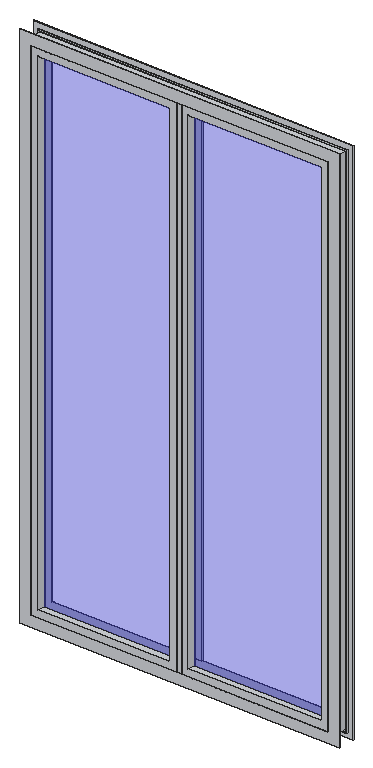
Revit family "1150_Fixed Single Vertical Rail", category Windows, host Wall, Revit 2023
Family settings
  Host = Wall
  OmniClass Number = 23.30.20.00
  OmniClass Title = Windows
  Always vertical = Yes
  Cut with Voids When Loaded = No
  Shared = No
  Room Calculation Point = No
Parameters
  Left Bay Width (Rail Location) = 1' - 3"
  Height = 5' - 0"
  Glass Material = Glass
  Frame Material = none
  Depth From Exterior = 0' - 1"
  Default Sill Height = 2' - 6"
  Wall Closure = By host
  Width = 3' - 0"
Reference planes (in)
  plane 1 "Center (Front/Back)": y = 0
  plane 2: z = 0
  plane 3 "Center (Left/Right)": x = 0
  plane 4 "Left": x = -18
  plane 5 "Right": x = 18
  plane 6 "Sill": z = 30
  plane 7 "Top": z = 90
  plane 8: y = 3
  plane 9: y = 2
  plane 10: y = 0
  plane 11: x = -1.155
  plane 12: x = -0.374
  plane 13: x = 0.188
  plane 14: x = 0.969
  plane 15: x = 15.969
  plane 16: x = -15.969
  plane 17: y = 0.7775
Forms (in)
  Sweep 1, solid
    path origin (0, 0, 0) x (1, 0, 0) y (0, 0, 1)
      loop
        line (18, 30) -> (18, 90) -> (-18, 90) -> (-18, 30) -> (18, 30)
    profile origin (0, 0, 30) x (0, 0, -1) y (0, -1, 0)
      loop
        line (-2.031, -2) -> (0, -2) -> (0, -1.9) -> (-0.57, -1.9) -> (-0.57, -1.75) -> (-0.62, -1.75) -> (-0.62, -1.875) -> (-0.813, -1.875) -> (-0.813, -0.677) -> (-0.62, -0.677) -> (-0.62, -0.802) -> (-0.57, -0.802) -> (-0.57, -0.627) -> (-0.82, -0.627) -> (-0.82, -0.127) -> (0, -0.127) -> (0, 0) -> (-1.25, 0) -> (-1.25, -1.875) -> (-2.031, -1.875) -> (-2.031, -2)
  Sweep 2, solid, material "Glass" <- "Glass Material"
    path origin (0, 0, 0) x (0, 1, 0) y (0, 0, 1)
      loop
        line (1.875, 31.25) -> (1.875, 88.75)
    profile origin (0, 1.875, 60) x (0, -1, 0) y (1, 0, 0)
      loop
        line (0, -16.75) -> (0.25, -16.75) -> (0.25, 16.75) -> (0, 16.75) -> (0, -16.75)
      loop
        line (0.75, -16.75) -> (1, -16.75) -> (1, 16.75) -> (0.75, 16.75) -> (0.75, -16.75)
  Sweep 3, solid
    path origin (0, 0, 0) x (1, 0, 0) y (0, 0, 1)
      loop
        line (-1.40764, 87.969) -> (-1.40764, 32.031)
    profile origin (-1.40764, 0, 60) x (0, -1, 0) y (1, 0, 0)
      loop
        line (-2, 2.37664) -> (-2, 0.25264) -> (-1.875, 0.25264) -> (-1.875, 2.37664) -> (-2, 2.37664)
  Sweep 4, solid
    path origin (0, 0, 0) x (1, 0, 0) y (0, 0, 1)
      loop
        line (1.54293, 31.25) -> (1.54293, 88.75)
    profile origin (1.54293, 0, 60) x (-1, 0, 0) y (0, -1, 0)
      loop
        line (1.35493, -1.875) -> (1.91693, -1.875) -> (1.91693, 0) -> (1.35493, 0) -> (1.35493, -1.875)
  Sweep 5, solid
    path origin (0, 0, 0) x (1, 0, 0) y (0, 0, 1)
      loop
        line (-16.75, 31.25) -> (-0.374, 31.25) -> (-0.374, 88.75) -> (-16.75, 88.75) -> (-16.75, 31.25)
    profile origin (-8.562, 0, 31.25) x (0, 0, 1) y (0, -1, 0)
      loop
        line (0.7811, 0) -> (0, 0) -> (0, -0.625) -> (0.36244, -0.625) -> (0.36244, -0.7775) -> (0.7811, -0.7775) -> (0.7811, 0)
  Sweep 6, solid
    path origin (0, 0, 0) x (1, 0, 0) y (0, 0, 1)
      loop
        line (0.188, 31.25) -> (16.75, 31.25) -> (16.75, 88.75) -> (0.188, 88.75) -> (0.188, 31.25)
    profile origin (8.469, 0, 31.25) x (0, 0, 1) y (0, -1, 0)
      loop
        line (0.7811, 0) -> (0, 0) -> (0, -0.6245) -> (0.3586, -0.6245) -> (0.3586, -0.7775) -> (0.7811, -0.7775) -> (0.7811, 0)
Lines and regions (in)
  Opening 1
    outline origin (-60, -3, 0) x (1, 0, 0) y (0, 0, 1)
      loop
        line (42, 90) -> (42, 30) -> (78, 30) -> (78, 90) -> (42, 90)
Text (in)
  text "EXTERIOR" at (-58.6888, 50.90694, 0), in view "Ref. Level"
  text "INTERIOR" at (-58.6888, -37.76638, 0), in view "Ref. Level"
  text "Exterior" at (0, 43.65631, 123.19604), in view "Left"
  text "Exterior" at (0, 18.29385, 125.04747), in view "Right"
Dimensions and locks (in)
  equal spacing: plane 4 "Left", plane 3 "Center (Left/Right)", plane 5 "Right"
  plane 4 "Left" to plane 5 "Right" = 3' - 0"
  "Width": plane 4 "Left" to plane 5 "Right"
  "Height": plane 6 "Sill" to plane 7 "Top"
  "Default Sill Height": plane 2 to plane 6 "Sill"
  "Depth From Exterior": plane 8 to plane 9
  locked: plane 9 to plane 10 at 2
  plane 11 to plane 12 to plane 13 to plane 14 = 0' - 0.781" locked, 0' - 0.562" locked, 0' - 0.781" locked
  locked: plane 15 to plane 5 "Right" at 2.031
  locked: plane 4 "Left" to plane 16 at 2.031
  "Left Bay Width (Rail Location)": plane 14 to plane 15
  locked: plane 17 to plane 10 at 0.7775
  aligned and locked: plane 7 "Top" to Opening 1 sketch curve
  aligned and locked: plane 6 "Sill" to Opening 1 sketch curve  (x2)
  aligned and locked: plane 5 "Right" to Opening 1 sketch curve
  aligned and locked: plane 4 "Left" to Opening 1 sketch curve
  aligned and locked: level to plane 2
  aligned and locked: plane 6 "Sill" to Sweep 1 sketch curve
  aligned and locked: plane 4 "Left" to Sweep 1 sketch curve
  aligned and locked: Sweep 1 sketch curve to plane 7 "Top"
  aligned and locked: Sweep 1 sketch curve to plane 5 "Right"
  aligned and locked: Sweep 2 sketch curve to Sweep 1  (x5)
  aligned and locked: plane 8 to host wall
  aligned and locked: plane 9 to Sweep 1
  aligned and locked: plane 10 to Sweep 1
  aligned and locked: Sweep 1 to Sweep 3 sketch curve  (x2)
  aligned and locked: Sweep 3 to plane 9
  aligned and locked: Sweep 1 to Sweep 4 sketch curve  (x2)
  aligned and locked: Sweep 4 to Sweep 3
  aligned and locked: plane 11 to Sweep 3
  aligned and locked: plane 12 to Sweep 4
  aligned and locked: plane 13 to Sweep 4
  aligned and locked: plane 14 to Sweep 3
  aligned and locked: plane 15 to Sweep 1
  aligned and locked: plane 16 to Sweep 1
  aligned and locked: Sweep 5 sketch curve to Sweep 1  (x3)
  aligned and locked: Sweep 5 sketch curve to Sweep 4
  aligned and locked: plane 10 to Sweep 5
  aligned and locked: plane 17 to Sweep 5
  aligned and locked: Sweep 6 sketch curve to Sweep 1  (x3)
  aligned and locked: Sweep 6 sketch curve to Sweep 4
  aligned and locked: plane 10 to Sweep 6
  aligned and locked: Sweep 6 to plane 17
Automatic sketch dimensions
  profile plane to Sweep 1 sketch curve = 0' - 1 1/4"
  Sweep 1 sketch curve to Sweep 1 sketch curve = 0' - 0.43"
  Sweep 1 sketch curve to Sweep 1 sketch curve = 0' - 0.007"
  Sweep 1 sketch curve to Sweep 1 sketch curve = 0' - 0.193"  (x2)
  Sweep 1 sketch curve to Sweep 1 sketch curve = 0' - 0.05"  (x3)
  Sweep 1 sketch curve to Sweep 1 sketch curve = 0' - 0.82"
  Sweep 1 sketch curve to Sweep 1 sketch curve = 0' - 0.57"
  Sweep 1 sketch curve to plane 1 "Center (Front/Back)" = 0' - 2"
  Sweep 1 sketch curve to Sweep 1 sketch curve = 0' - 0.1"
  Sweep 1 sketch curve to Sweep 1 sketch curve = 0' - 0.025"
  Sweep 1 sketch curve to Sweep 1 sketch curve = 0' - 0"
  Sweep 1 sketch curve to Sweep 1 sketch curve = 0' - 0 1/8"  (x2)
  Sweep 1 sketch curve to Sweep 1 sketch curve = 0' - 0.948"
  Sweep 1 sketch curve to Sweep 1 sketch curve = 0' - 0 1/2"
  Sweep 1 sketch curve to Sweep 1 sketch curve = 0' - 0.127"
  Sweep 1 sketch curve to Sweep 1 sketch curve = 0' - 0.781"
  Sweep 2 sketch curve to plane 6 "Sill" = 0' - 1 1/4"
  plane 7 "Top" to Sweep 2 sketch curve = 0' - 1 1/4"
  profile plane to Sweep 2 sketch curve = 0' - 0"
  Sweep 2 sketch curve to Sweep 2 sketch curve = 0' - 0 1/4"  (x2)
  Sweep 2 sketch curve to Sweep 2 sketch curve = 0' - 0 1/2"
  Sweep 3 sketch curve to plane 3 "Center (Left/Right)" = 0' - 1.40764"
  Sweep 3 sketch curve to plane 1 "Center (Front/Back)" = 0' - 2"
  Sweep 3 sketch curve to Sweep 3 sketch curve = 0' - 0 1/8"
  Sweep 3 sketch curve to profile plane = 0' - 0.25264"
  Sweep 3 sketch curve to Sweep 3 sketch curve = 0' - 2.124"
  plane 3 "Center (Left/Right)" to Sweep 4 sketch curve = 0' - 1.54293"
  Sweep 4 sketch curve to profile plane = 0' - 1.35493"
  Sweep 4 sketch curve to Sweep 4 sketch curve = 0' - 0.562"
  Sweep 4 sketch curve to plane 1 "Center (Front/Back)" = 0' - 1 7/8"
  Sweep 4 sketch curve to Sweep 4 sketch curve = 0' - 1 7/8"
  profile plane to Sweep 5 sketch curve = 0' - 0"
  Sweep 5 sketch curve to Sweep 5 sketch curve = 0' - 0.36244"
  Sweep 5 sketch curve to Sweep 5 sketch curve = 0' - 0.41866"
  Sweep 5 sketch curve to plane 1 "Center (Front/Back)" = 0' - 0.7775"
  Sweep 5 sketch curve to Sweep 5 sketch curve = 0' - 0.1525"
  Sweep 5 sketch curve to Sweep 5 sketch curve = 0' - 0 5/8"
  profile plane to Sweep 6 sketch curve = 0' - 0"
  Sweep 6 sketch curve to Sweep 6 sketch curve = 0' - 0.3586"
  Sweep 6 sketch curve to Sweep 6 sketch curve = 0' - 0.4225"
  Sweep 6 sketch curve to plane 1 "Center (Front/Back)" = 0' - 0.7775"
  Sweep 6 sketch curve to Sweep 6 sketch curve = 0' - 0.153"
  Sweep 6 sketch curve to Sweep 6 sketch curve = 0' - 0.6245"
